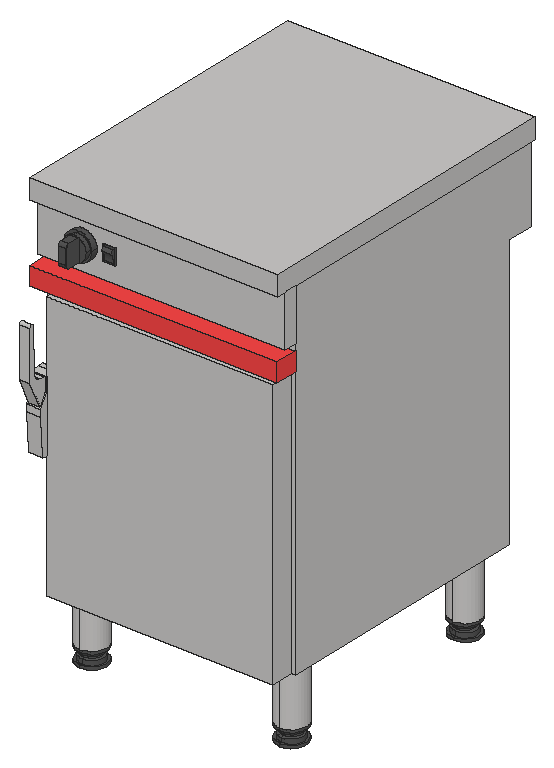
Revit family "ADB Warming cabinet CES 505", category Equipement spécialisé, Revit 2022
Family settings
  Cote de connecteur circulaire = Utiliser le diamètre
  Type d'élément = Normal
  Basée sur le plan de construction = Non
  Toujours verticalement = Oui
  Couper avec des vides une fois chargée = Non
  Conserver l'orientation des annotations = Non
  Partagée = Non
  Repère de localisation dans la pièce = Non
Parameters (values of type "CES 505")
  URL Cutsheet = ""
  URL = "https://www.ambassade-de-bourgogne.com/fr/produits/fours/Resources/CFE-505-CT_CES-505.pdf"
  Electric Connection Type = "Bornier 40A"  # constant formula
  Item Number = ""
  Volts = 230 V  # constant formula
  Specification by Manufacturer = ""
  Electrical Remarks = "230V(MONO) commutable 400V(TRI)"  # constant formula
  Electric power = 950 W
  Depth = 686 mm
  Door hinges inversion option [instance] = no
  Weight = 54.00 kg
  Phase = 1  # constant formula
  Number of Poles = Phase  # 1
  Modèle = "CES 505"
  Length = 500 mm
  Operational Current = 4.13 A
  Height = 910 mm
  G = 250 mm
  Cycle = 50 Hz  # constant formula
  Fabricant = "Société Industrielle  de Lacanche"  # constant formula
  Encombrement Porte inversée [instance] = and(Clearences, Door hinges inversion option)  # no
  Encombrement Porte standard [instance] = and(Clearences, not(Door hinges inversion option))  # yes
  Décalage poignée [instance] = if(Door hinges inversion option, Length - 3.5 mm, 33.5 mm)  # 33.5 mm
  Description = "Warming cabinet for CFE505CT oven"
  Décalage porte [instance] = if(Door hinges inversion option, 8.5 mm, 33.5 mm)  # 33.5 mm
  Elévation par défaut = 0 mm
  Connectors [instance] = yes
  Commentaires du type = "Ambassade range - Convection ovens"
  F = 750 mm
  Clearences [instance] = yes
Reference planes
  plane 1 "Centre (avant/arrière)": y = 0
  plane 2: z = 0
  plane 3 "Centre (gauche/droite)": x = 0
  plane 4 "Gauche": x = -250
  plane 5 "Arrière": y = 325
  plane 6 "Droite": x = 250
  plane 7 "Avant": y = -325
  plane 8 "dessous meuble": z = 155
  plane 9 "Dessus de plan": z = 900
  plane 10 "dessous plan": z = 860
  plane 11 "Face": y = -280
  plane 12 "porte gauche": x = -216.5
  plane 13 "Poignée": x = -216.5
  plane 14 "G": x = 0
  plane 15 "F": z = 750
  plane 16: y = 260
  plane 17: y = -361
  plane 18: y = -746.5
  plane 19: z = 910
Forms (mm)
  Extrusion 1, solid, material "ADB_Stainless Steel-Polished", detail levels medium+fine
    sketch origin (-216.5, 0, 0) x (0, 0, 1) y (0, -1, 0)
      loop
        line (155, 325) -> (155, 280) -> (697, 280) -> (697, 325) -> (155, 325)
    from 0 to 458
  Extrusion 2, solid, material "ADB_Metal Sheet-Red", detail levels medium+fine
    sketch origin (-250, 0, 0) x (0, 1, 0) y (0, 0, 1)
      loop
        line (-280, 742.5) -> (-327, 742.5) -> (-327, 705) -> (-280, 705) -> (-280, 742.5)
    from 0 to 500
  Extrusion 3, solid, material "ADB_Stainless Steel-Polished", detail levels medium+fine
    sketch origin (-250, 0, 0) x (0, 1, 0) y (0, 0, 1)
      loop
        line (325, 900) -> (-325, 900) -> (-325, 860) -> (325, 860) -> (325, 900)
    from 0 to 500
  Extrusion 4, solid, material "ADB_Stainless Steel-Polished", detail levels medium+fine
    sketch origin (-250, 0, 0) x (0, 1, 0) y (0, 0, 1)
      loop
        line (-280, 860) -> (-306, 860) -> (-306, 755) -> (-280, 755) -> (-280, 860)
    from 0 to 500
  Extrusion 5, solid, material "ADB_Stainless Steel-Polished", detail levels medium+fine
    sketch origin (-250, 0, 0) x (0, 1, 0) y (0, 0, 1)
      loop
        line (314, 860) -> (-280, 860) -> (-280, 155) -> (260, 155) -> (260, 707) -> (314, 707) -> (314, 860)
    from 0 to 500
  Revolve 6, solid, material "ADB_Stainless Steel-Polished", detail levels medium+fine
    sketch origin (201.965, 0, 0) x (0, 1, 0) y (0, 0, -1)
      loop
        line (-258.968, -155) -> (-229, -155) -> (-229, 0) -> (-258.492, 0) -> (-258.492, -5) -> (-253.001, -5) -> (-253.001, -13.586) -> (-248.857, -16.488) -> (-248.857, -22) -> (-252.82, -22) -> (-258.968, -28.148) -> (-258.968, -34) -> (-258.968, -155)
      axis (-229, 0) -> (-229, -155)
    angle from 0 to 360
  Revolve 7, solid, material "ADB_Stainless Steel-Polished", detail levels medium+fine
    sketch origin (-201.965, 0, 0) x (0, 1, 0) y (0, 0, 1)
      loop
        line (-258.968, 155) -> (-258.968, 34) -> (-258.968, 28.148) -> (-252.82, 22) -> (-248.857, 22) -> (-248.857, 16.488) -> (-253.001, 13.586) -> (-253.001, 5) -> (-258.492, 5) -> (-258.492, 0) -> (-229, 0) -> (-229, 155) -> (-258.968, 155)
      axis (-229, 0) -> (-229, 155)
    angle from 0 to 360
  Revolve 8, solid, material "ADB_Stainless Steel-Polished", detail levels medium+fine
    sketch origin (-201.965, -20, 0) x (0, -1, 0) y (0, 0, -1)
      loop
        line (-258.968, -155) -> (-229, -155) -> (-229, 0) -> (-258.492, 0) -> (-258.492, -5) -> (-253.001, -5) -> (-253.001, -13.586) -> (-248.857, -16.488) -> (-248.857, -22) -> (-252.82, -22) -> (-258.968, -28.148) -> (-258.968, -34) -> (-258.968, -155)
      axis (-229, 0) -> (-229, -155)
    angle from 0 to 360
  Revolve 9, solid, material "ADB_Stainless Steel-Polished", detail levels medium+fine
    sketch origin (201.965, -20, 0) x (0, -1, 0) y (0, 0, 1)
      loop
        line (-258.968, 155) -> (-258.968, 34) -> (-258.968, 28.148) -> (-252.82, 22) -> (-248.857, 22) -> (-248.857, 16.488) -> (-253.001, 13.586) -> (-253.001, 5) -> (-258.492, 5) -> (-258.492, 0) -> (-229, 0) -> (-229, 155) -> (-258.968, 155)
      axis (-229, 0) -> (-229, 155)
    angle from 0 to 360
  Extrusion 10, solid, material "ADB_Stainless Steel-Polished", detail levels medium+fine
    sketch origin (-216.5, 1349.584, 971.271) x (0, 1, 0) y (0, 0, -1)
      loop
        line (-1688.584, 487.771) -> (-1688.584, 472.771) -> (-1675.084, 448.962) -> (-1675.084, 418.962) -> (-1657.571, 417.794) -> (-1647.585, 417.271) -> (-1647.585, 567.771) -> (-1657.571, 567.248) -> (-1683.585, 562.771) -> (-1688.584, 487.771)
    from 0 to 30
  Extrusion 11, solid, material "ADB_Stainless Steel-Polished", detail levels medium+fine
    sketch origin (-216.5, 1349.584, 971.271) x (0, 1, 0) y (0, 0, -1)
      loop
        arc (-1701.409, 404.802) -> (-1697.026, 415.381) -> (-1686.447, 419.764) r 14.962
        line (-1686.447, 419.764) -> (-1675.084, 420.758) -> (-1675.084, 449.517) -> (-1687.113, 470.732) -> (-1710.584, 418.854) -> (-1710.584, 318.854)
        arc (-1710.584, 318.854) -> (-1708.755, 314.949) -> (-1704.584, 313.854) r 5.083
        line (-1704.584, 313.854) -> (-1701.409, 404.802)
    from 4.5 to 25.5
  Extrusion 12, solid, material "ADB_Plastic-Black", detail levels fine
    sketch origin (250, 0, 0) x (0, 1, 0) y (0, 0, -1)
      loop
        arc (-315.045, -811.027) -> (-312.069, -814.661) -> (-308, -817.006) r 13.063
        line (-308, -817.006) -> (-306, -817.006) -> (-306, -792) -> (-308, -792)
        arc (-308, -792) -> (-309.845, -802.135) -> (-315.045, -811.027) r 29.662
    from 345 to 364
  Extrusion 13, solid, material "ADB_Plastic-Black", detail levels fine
    sketch origin (-250, -327, 742.5) x (0, 0, -1) y (1, 0, 0)
      loop
        line (-46, 133) -> (-46, 158) -> (-78, 158) -> (-78, 133) -> (-46, 133)
      loop
        line (-74.5, 136) -> (-49.5, 136) -> (-49.5, 155) -> (-74.5, 155) -> (-74.5, 136)
    from -21 to -19
  Extrusion 14, solid, material "ADB_Network_Electricity_Yellow", visible <- "Connectors", detail levels medium+fine
    sketch origin (-1413.416, 260, 1200) x (-1, 0, 0) y (0, 0, 1)
      loop
        circle (-1413.416, -450) r 10
    from 0 to 10
  Extrusion 15, solid, detail levels coarse
    sketch origin (0, 0, 155) x (-1, 0, 0) y (0, -1, 0)
      loop
        line (250, -325) -> (250, 361) -> (-250, 361) -> (-250, -325) -> (250, -325)
    from -155 to 755
Lines and regions (mm)
  symbolic lines, style "SpecialityEquipmentHiddenLines"
    curve 1: line (250, -633.5, 155) -> (250, -280, 155)
  symbolic lines, style "SpecialityEquipmentHiddenLines", visible <- "Encombrement Porte standard"
    curve 2: line (250, -280, 155) -> (250, -746.5, 155)
    curve 4: arc (250, -746.5, 155) -> (-79.865, -609.865, 155) -> (-216.5, -280, 155) r 466.5
  symbolic lines, style "SpecialityEquipmentHiddenLines", visible <- "Encombrement Porte inversée"
    curve 3: line (-250, -280, 155) -> (-250, -746.5, 155)
    curve 5: arc (-250, -746.5, 155) -> (79.865, -609.865, 155) -> (216.5, -280, 155) r 466.5
Dimensions and locks
  equal spacing: plane 7 "Avant", plane 1 "Centre (avant/arrière)", plane 5 "Arrière"
  equal spacing: plane 4 "Gauche", plane 3 "Centre (gauche/droite)", plane 6 "Droite"
  locked: plane 8 "dessous meuble" to plane 2 at 155
  locked: plane 9 "Dessus de plan" to plane 10 "dessous plan" at 40
  locked: plane 7 "Avant" to plane 11 "Face" at 45
  "Décalage porte": plane 12 "porte gauche" to plane 4 "Gauche"
  locked: Revolve 6 to plane 6 "Droite" at 18.067
  locked: Revolve 6 to plane 11 "Face" at 21.032
  locked: Revolve 7 to plane 11 "Face" at 21.032
  locked: plane 4 "Gauche" to Revolve 7 at 18.067
  locked: plane 4 "Gauche" to Revolve 8 at 18.067
  locked: plane 5 "Arrière" to Revolve 8 at 86.032
  locked: Revolve 9 to plane 6 "Droite" at 18.067
  "Décalage poignée": plane 13 "Poignée" to plane 4 "Gauche"
  "Length": plane 4 "Gauche" to plane 6 "Droite"
  plane 5 "Arrière" to plane 7 "Avant" = 650 mm
  "G": plane 14 "G" to plane 6 "Droite"
  "F": plane 15 "F" to plane 2
  plane 11 "Face" to plane 18 = 466.5 mm
  "Height": plane 19 to level
  plane 19 to plane 9 "Dessus de plan" = 10 mm
  "Depth": plane 5 "Arrière" to plane 17
  aligned and locked: level to plane 2
  aligned and locked: Extrusion 12 to Extrusion 4
  aligned and locked: plane 14 "G" to Extrusion 14 sketch curve
  aligned and locked: plane 15 "F" to Extrusion 14 sketch curve
  aligned and locked: plane 4 "Gauche" to Extrusion 15 sketch curve
  aligned and locked: Extrusion 15 sketch curve to plane 5 "Arrière"
  aligned and locked: plane 6 "Droite" to Extrusion 15 sketch curve
  aligned and locked: Extrusion 15 to Extrusion 11
  aligned and locked: Extrusion 15 to level
  aligned and locked: plane 19 to Extrusion 15
Automatic sketch dimensions
  Extrusion 1 sketch curve to plane 8 "dessous meuble" = 0 mm
  Extrusion 1 sketch curve to plane 7 "Avant" = 0 mm
  Extrusion 1 sketch curve to plane 11 "Face" = 0 mm
  Extrusion 1 sketch curve to plane 15 "F" = 53 mm
  Extrusion 2 sketch curve to plane 11 "Face" = 0 mm
  Extrusion 2 sketch curve to plane 7 "Avant" = 2 mm
  Extrusion 2 sketch curve to plane 15 "F" = 45 mm
  Extrusion 2 sketch curve to plane 15 "F" = 7.5 mm
  Extrusion 3 sketch curve to plane 7 "Avant" = 0 mm
  Extrusion 3 sketch curve to plane 5 "Arrière" = 0 mm
  Extrusion 3 sketch curve to plane 10 "dessous plan" = 0 mm
  Extrusion 3 sketch curve to plane 9 "Dessus de plan" = 0 mm
  Extrusion 4 sketch curve to plane 10 "dessous plan" = 0 mm
  Extrusion 4 sketch curve to plane 11 "Face" = 0 mm
  plane 15 "F" to Extrusion 4 sketch curve = 5 mm
  plane 7 "Avant" to Extrusion 4 sketch curve = 19 mm
  Extrusion 5 sketch curve to plane 10 "dessous plan" = 0 mm
  Extrusion 5 sketch curve to plane 11 "Face" = 0 mm
  Extrusion 5 sketch curve to plane 8 "dessous meuble" = 0 mm
  Extrusion 5 sketch curve to plane 16 = 0 mm
  Extrusion 5 sketch curve to plane 5 "Arrière" = 11 mm
  Extrusion 5 sketch curve to plane 15 "F" = 43 mm
  Revolve 6 sketch curve to plane 8 "dessous meuble" = 0 mm
  Revolve 6 sketch curve to level = 0 mm
  plane 11 "Face" to Revolve 6 sketch curve = 21.032 mm
  plane 11 "Face" to Revolve 6 sketch curve = 21.508 mm
  Revolve 6 sketch curve to Revolve 6 sketch curve = 5.491 mm
  Revolve 6 sketch curve to Revolve 6 sketch curve = 0.181 mm
  Revolve 6 sketch curve to Revolve 6 sketch curve = 3.964 mm
  Revolve 6 sketch curve to Revolve 6 sketch curve = 24.001 mm
  level to Revolve 6 sketch curve = 34 mm
  Revolve 6 sketch curve to Revolve 6 sketch curve = 5.852 mm
  Revolve 6 sketch curve to Revolve 6 sketch curve = 6.148 mm
  Revolve 6 sketch curve to Revolve 6 sketch curve = 5.512 mm
  Revolve 6 sketch curve to Revolve 6 sketch curve = 2.902 mm
  level to Revolve 6 sketch curve = 5 mm
  Revolve 6 sketch curve to Revolve 6 sketch curve = 0 mm
  Revolve 6 sketch curve to Revolve 6 sketch curve = 19 mm
  Revolve 6 sketch curve to Revolve 6 sketch curve = 12 mm
  Revolve 7 sketch curve to plane 8 "dessous meuble" = 0 mm
  Revolve 7 sketch curve to level = 0 mm
  plane 11 "Face" to Revolve 7 sketch curve = 21.032 mm
  plane 11 "Face" to Revolve 7 sketch curve = 21.508 mm
  Revolve 7 sketch curve to Revolve 7 sketch curve = 5.491 mm
  Revolve 7 sketch curve to Revolve 7 sketch curve = 0.181 mm
  Revolve 7 sketch curve to Revolve 7 sketch curve = 3.964 mm
  Revolve 7 sketch curve to Revolve 7 sketch curve = 24.001 mm
  level to Revolve 7 sketch curve = 5 mm
  Revolve 7 sketch curve to Revolve 7 sketch curve = 8.586 mm
  Revolve 7 sketch curve to Revolve 7 sketch curve = 2.902 mm
  Revolve 7 sketch curve to Revolve 7 sketch curve = 5.512 mm
  Revolve 7 sketch curve to Revolve 7 sketch curve = 6.148 mm
  Revolve 7 sketch curve to Revolve 7 sketch curve = 5.852 mm
  Revolve 7 sketch curve to Revolve 7 sketch curve = 0 mm
  Revolve 7 sketch curve to Revolve 7 sketch curve = 12 mm
  plane 8 "dessous meuble" to Revolve 7 sketch curve = 19 mm
  Revolve 8 sketch curve to plane 8 "dessous meuble" = 0 mm
  Revolve 8 sketch curve to level = 0 mm
  Revolve 8 sketch curve to plane 16 = 21.032 mm
  Revolve 8 sketch curve to plane 16 = 21.508 mm
  Revolve 8 sketch curve to Revolve 8 sketch curve = 5.491 mm
  Revolve 8 sketch curve to Revolve 8 sketch curve = 0.181 mm
  Revolve 8 sketch curve to Revolve 8 sketch curve = 3.964 mm
  Revolve 8 sketch curve to Revolve 8 sketch curve = 24.001 mm
  level to Revolve 8 sketch curve = 34 mm
  Revolve 8 sketch curve to Revolve 8 sketch curve = 5.852 mm
  Revolve 8 sketch curve to Revolve 8 sketch curve = 6.148 mm
  Revolve 8 sketch curve to Revolve 8 sketch curve = 5.512 mm
  Revolve 8 sketch curve to Revolve 8 sketch curve = 2.902 mm
  level to Revolve 8 sketch curve = 5 mm
  Revolve 8 sketch curve to Revolve 8 sketch curve = 0 mm
  plane 8 "dessous meuble" to Revolve 8 sketch curve = 19 mm
  Revolve 8 sketch curve to Revolve 8 sketch curve = 12 mm
  curve 1 to plane 6 "Droite" = 0 mm
  curve 5 to plane 11 "Face" = 0 mm
  curve 5 to plane 4 "Gauche" = 0 mm
  curve 3 to plane 11 "Face" = 0 mm
  curve 1 to plane 11 "Face" = 0 mm
  curve 3 to plane 18 = 0 mm
  Revolve 9 sketch curve to plane 8 "dessous meuble" = 0 mm
  Revolve 9 sketch curve to level = 0 mm
  Revolve 9 sketch curve to plane 16 = 21.032 mm
  Revolve 9 sketch curve to plane 16 = 21.508 mm
  Revolve 9 sketch curve to Revolve 9 sketch curve = 5.491 mm
  Revolve 9 sketch curve to Revolve 9 sketch curve = 0.181 mm
  Revolve 9 sketch curve to Revolve 9 sketch curve = 3.964 mm
  Revolve 9 sketch curve to Revolve 9 sketch curve = 24.001 mm
  level to Revolve 9 sketch curve = 5 mm
  Revolve 9 sketch curve to Revolve 9 sketch curve = 8.586 mm
  Revolve 9 sketch curve to Revolve 9 sketch curve = 2.902 mm
  Revolve 9 sketch curve to Revolve 9 sketch curve = 5.512 mm
  Revolve 9 sketch curve to Revolve 9 sketch curve = 6.148 mm
  Revolve 9 sketch curve to Revolve 9 sketch curve = 5.852 mm
  Revolve 9 sketch curve to Revolve 9 sketch curve = 0 mm
  Revolve 9 sketch curve to Revolve 9 sketch curve = 12 mm
  plane 8 "dessous meuble" to Revolve 9 sketch curve = 19 mm
  Extrusion 10 sketch curve to plane 7 "Avant" = 14 mm
  Extrusion 10 sketch curve to plane 7 "Avant" = 9 mm
  Extrusion 10 sketch curve to plane 7 "Avant" = 0.5 mm
  plane 7 "Avant" to Extrusion 10 sketch curve = 17.014 mm  (x2)
  Extrusion 10 sketch curve to Extrusion 10 sketch curve = 9.986 mm
  Extrusion 10 sketch curve to plane 15 "F" = 196 mm
  Extrusion 10 sketch curve to Extrusion 10 sketch curve = 0.523 mm  (x2)
  Extrusion 10 sketch curve to Extrusion 10 sketch curve = 1.168 mm
  Extrusion 10 sketch curve to Extrusion 10 sketch curve = 30 mm
  Extrusion 10 sketch curve to Extrusion 10 sketch curve = 23.809 mm
  Extrusion 10 sketch curve to Extrusion 10 sketch curve = 15 mm
  Extrusion 10 sketch curve to Extrusion 10 sketch curve = 75 mm
  Extrusion 10 sketch curve to Extrusion 10 sketch curve = 4.477 mm
  Extrusion 11 sketch curve to plane 17 = 0 mm
  Extrusion 11 sketch curve to Extrusion 11 sketch curve = 5.083 mm
  Extrusion 11 sketch curve to Extrusion 11 sketch curve = 0.917 mm
  plane 17 to Extrusion 11 sketch curve = 9.176 mm
  Extrusion 11 sketch curve to plane 7 "Avant" = 12.529 mm
  Extrusion 11 sketch curve to plane 7 "Avant" = 11.862 mm
  Extrusion 11 sketch curve to plane 7 "Avant" = 0.5 mm
  Extrusion 11 sketch curve to plane 15 "F" = 92.583 mm
  Extrusion 11 sketch curve to Extrusion 11 sketch curve = 85.947 mm
  Extrusion 11 sketch curve to Extrusion 11 sketch curve = 14.053 mm
  Extrusion 11 sketch curve to Extrusion 11 sketch curve = 0.994 mm
  Extrusion 11 sketch curve to Extrusion 11 sketch curve = 28.76 mm
  Extrusion 11 sketch curve to Extrusion 11 sketch curve = 21.215 mm
  Extrusion 12 sketch curve to plane 7 "Avant" = 12.662 mm
  plane 7 "Avant" to Extrusion 12 sketch curve = 17 mm  (x2)
  Extrusion 12 sketch curve to Extrusion 12 sketch curve = 2 mm
  Extrusion 12 sketch curve to Extrusion 12 sketch curve = 2.383 mm
  Extrusion 12 sketch curve to plane 10 "dessous plan" = 42.994 mm
  Extrusion 12 sketch curve to Extrusion 12 sketch curve = 12.306 mm
  Extrusion 12 sketch curve to Extrusion 12 sketch curve = 12.7 mm
  Extrusion 12 sketch curve to Extrusion 12 sketch curve = 0.165 mm
  Extrusion 2 to Extrusion 13 sketch curve = 78 mm
  Extrusion 13 sketch curve to Extrusion 13 sketch curve = 3.5 mm  (x2)
  Extrusion 13 sketch curve to Extrusion 13 sketch curve = 25 mm
  Extrusion 2 to Extrusion 13 sketch curve = 133 mm
  Extrusion 13 sketch curve to Extrusion 13 sketch curve = 3 mm  (x2)
  Extrusion 13 sketch curve to Extrusion 13 sketch curve = 19 mm
  Extrusion 15 sketch curve to plane 17 = 0 mm
  curve 1 to curve 2 = 113 mm
  curve 4 to plane 11 "Face" = 0 mm
  curve 4 to plane 12 "porte gauche" = 0 mm
  radius of Extrusion 14 sketch curve = 10 mm
Nested families
  nested 1: "Bouton" at (-159, -306, 804.5) x (1, 0, 0) z (0, -1, 0), type "Bouton", detail levels fine
Connectors
  electrical at (0, 270, 750), driven by "Volts", driven by "Electric power"
    settings: on Extrusion 14, index 1, voltage 230 V, apparent load 0 VA, apparent load phase1 950 VA, apparent load phase2 0 VA, apparent load phase3 0 VA, power factor 1, load classification "Autre", number of poles 1, system type 30, power factor state 1, is connector primary yes, connector utility no, sub classification motor no, connector description ""
Definition of nested family "Bouton"
  Parameters (values of type "Bouton")
    Matériau base bouton = none
    Default Elevation = 1219.2 mm
  Reference planes
    plane 1 "Centre (avant/arrière)": y = 0
    plane 2: z = 0
    plane 3 "Centre (gauche/droite)": x = 0
  Forms (mm)
    Extrusion 1, solid
      sketch origin (0, 0, 0) x (1, 0, 0) y (0, 1, 0)
        loop
          line (-1219.2, 1219.2) -> (-1219.2, -1219.2) -> (1219.2, -1219.2) -> (1219.2, 1219.2) -> (-1219.2, 1219.2)
      from 0 to -304.8
    Extrusion 2, solid, material <- "Matériau base bouton", detail levels fine
      sketch origin (0, 0, 0) x (1, 0, 0) y (0, 1, 0)
        loop
          circle (0, 0) r 28.5
      from 0 to 11.5
    Extrusion 3, solid, detail levels fine
      sketch origin (0, 0, 0) x (1, 0, 0) y (0, 1, 0)
        loop
          circle (0, 0) r 24.1
      from 11.5 to 20.5
    Extrusion 4, solid, detail levels fine
      sketch origin (0, 0, 0) x (1, 0, 0) y (0, 0, 1)
        loop
          line (-8.082, 20.5) -> (8.082, 20.5) -> (7.58, 49.253)
          arc (7.58, 49.253) -> (6.684, 51.34) -> (4.581, 52.2) r 3
          line (4.581, 52.2) -> (-4.581, 52.2)
          arc (-4.581, 52.2) -> (-6.684, 51.34) -> (-7.58, 49.253) r 3
          line (-7.58, 49.253) -> (-8.082, 20.5)
      from -22.082 to 22.162
    Extrusion 5, void
      sketch origin (0, 0, 0) x (0, 1, 0) y (0, 0, 1)
        loop
          line (-15.762, 50.701) -> (15.682, 50.701)
          arc (15.682, 50.701) -> (20.208, 48.826) -> (22.082, 44.301) r 6.4
          line (22.082, 44.301) -> (22.082, 41.701) -> (24.232, 41.701) -> (24.232, 54.688) -> (-24.768, 54.688) -> (-24.768, 41.701) -> (-22.162, 41.701) -> (-22.162, 44.301)
          arc (-22.162, 44.301) -> (-20.287, 48.826) -> (-15.762, 50.701) r 6.4
      from -15.908 to 13.709
  Cuts and joins
    Extrusion 5 cuts Extrusion 4
  Lines and regions (mm)
    symbolic lines, detail levels fine
      curve 1: line (0, -28.5, 0) -> (0, 28.5, 0)
  Dimensions and locks
    aligned and locked: plane 2 to Extrusion 1
    aligned and locked: level to Extrusion 1
